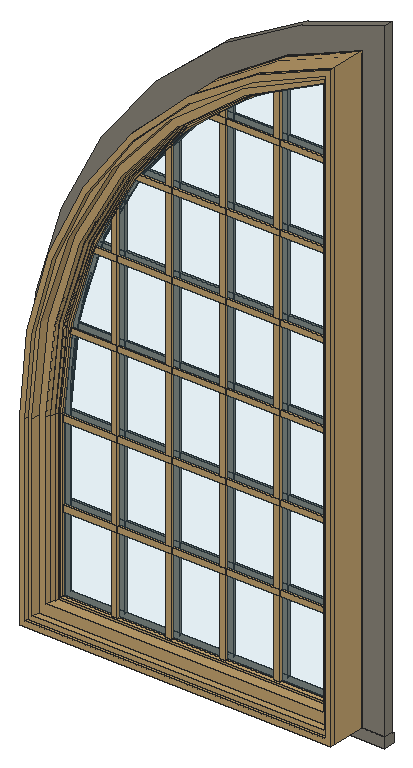
Revit family
Parameters (values of type "CUCART24")
  Window Type = "Clad Ultimate Casement Round Top RT24"
  Void Offset 2 = if(Subsill Visibility, 0' 0", 0' 9")  # 0' - 0"
  Void Offset = if(Casing Visibility, 0' 0", 0' 9")  # 0' - 0"
  URL = "www.marvin.com"
  Subsill Height_2 = if(Subsill A217, 0' 1 11/32", 0' 0 9/16")  # 0' - 1 11/32"
  Subsill Height = if(Subsill A217 Visibility, 0' 1 11/32", if(Subsill A246 Visibility, 0' 0 9/16", 0' 0"))  # 0' - 1 11/32"
  Subsill A246 Visibility = and(Subsill Visibility, Subsill A246)  # no
  Subsill A217 Visibility = and(Subsill Visibility, Subsill A217)  # yes
  Springline Constraint = if(Height - Springline < Width + 0' 2", Height - Width - 0' 2", if(Springline < 0' 4", 0' 4", Springline))  # 2' - 0"
  Plan Swing Angle [instance] = 15.00°
  Muntins Interior Visibility = yes
  Muntins Interior Material = Wood-Marvin-Pine
  Muntins Exterior Visibility = yes
  Muntins Exterior Material = Aluminum-Marvin-Bronze
  Mask Offset [instance] = if(Inset to Installation Flange = 0' 1 3/32", 0' 0 1/32", 0' 0")  # 0' - 0"
  Lites Wide = 5
  Lites High = 7
  Interior Material = Wood-Marvin-Pine
  Frame = "Aluminum Clad"
  Flat Casing Visibility = and(Casing Visibility, Flat Casing)  # yes
  Egress Window = ""
  Design Pressure = "DP50"
  Cladding Material = Aluminum-Marvin-Bronze
  Casing Width_2 = if(BMC, 0' 1 5/16", 0' 3")  # 0' - 3"
  Casing Visibility = yes
  Subsill Visibility = yes
  BMC Visibility = and(Casing Visibility, BMC)  # no
  BMC = no
  Flat Casing = not(BMC)  # yes
  Subsill A246 = no
  Subsill A217 = not(Subsill A246)  # yes
  Plan Swing Visibility [instance] = yes
  Glazing Material = Glass-Marvin-IG Low E II with Argon
  Springline = 2' - 0"
  Nominal Width = 3' - 4"
  Nominal Height = 6' - 6"
  Model = "CUCART24"
  Mask [instance] = Inset to Installation Flange > 0' 1 3/32"  # no
  Manufacturer = "Marvin Windows and Doors"
  Label Visibility = no
  Glass Type = "IG Low E II with Argon"
  Family created by = "www.rbuiltcomponents.com"
  Rough Width = Width + 0' 1"  # 3' - 5"
  Rough Height = Height + 0' 0 1/2"  # 6' - 6 1/2"
  Jamb Extension Visibility = yes
  Inset to Installation Flange [instance] = 0' - 1"
  Height = Nominal Height  # 6' - 6"
  Elev Swing Visibility [instance] = yes
  Description = "CSMT RT24"
  Default Head Height = 8' - 0"
  Wall Closure = (empty or 0)
  Width = if(Nominal Width > Nominal Height - 0' 6", Nominal Height - 0' 6", Nominal Width)  # 3' - 4"
  DLO Width = Width - 0' 5 13/16"  # 2' - 10 3/16"
  DLO Height = Height - 0' 5 13/16"  # 6' - 0 3/16"
  Casing Width = if(BMC Visibility, 0' 1 5/16", if(Flat Casing Visibility, 0' 3", 0' 0"))  # 0' - 3"
  Assembly Code = ""
Reference planes (in)
  plane 1 "Center (Front/Back)": y = 0
  plane 2: z = 0
  plane 3 "Center (Left/Right)": x = -3
  plane 4 "Left": x = -23
  plane 5 "Right": x = 17
  plane 6 "Sill": z = 18
  plane 7 "Top": z = 96
  plane 8 "Inset": y = 2
  plane 9 "Glazing": y = 1.53125
  plane 10 "Jamb Ext Face": y = -2.5625
  plane 11: z = 57
  plane 12: z = 42
  plane 13: y = -2.59375
Forms (in)
  Sweep 1, solid, material "Wood-Marvin-Pine" <- "Interior Material"
    path origin (0, 2, 0) x (1, 0, 0) y (0, 0, 1)
      loop
        line (-23, 42) -> (-23, 18) -> (17, 18) -> (17, 96)
        arc (17, 96) -> (-11.9108, 75.6006) -> (-23, 42) r 56.45
    profile "Profile_Ext_Clad_Frame : Profile_Ext_Clad_Frame" origin (-23, 2, 30) x (1, 0, 0) y (0, -1, 0)
      loop
        line (0, 4.56199) -> (0, 0.0625) -> (0.0625, 0.0625) -> (0.0625, 0) -> (0, 0) -> (0, -1.09401) -> (0.52105, -1.09401) -> (0.6063, 0.125) -> (2.696, 0.125) -> (2.696, 0.22017) -> (2.90625, 0.43042) -> (2.90625, 0.47297) -> (2.208, 0.47297) -> (2.208, 1.50299) -> (2.90625, 1.50299) -> (2.90625, 1.66374) -> (2.677, 1.89299) -> (2.677, 2) -> (2.5005, 2) -> (2.5005, 2.34399) -> (2.313, 2.34399) -> (2.313, 2.87449) -> (2.1255, 2.87449) -> (2.1255, 3.53074) -> (1.188, 3.53074) -> (1.188, 4.56199) -> (0, 4.56199)
  Extrusion 2, solid, material "Glass-Marvin-IG Low E II with Argon" <- "Glazing Material"
    sketch origin (0, 1.53125, 0) x (1, 0, 0) y (0, 0, 1)
      loop
        line (-23, 18) -> (17, 18) -> (17, 96)
        arc (17, 96) -> (-11.9108, 75.6006) -> (-23, 42) r 56.45
        line (-23, 42) -> (-23, 18)
    from 0 to 1.03424
  Extrusion 3, void
    sketch origin (0, 0, 0) x (1, 0, 0) y (0, 0, 1)
      loop
        line (17, 18) -> (17, 96)
        arc (17, 96) -> (-11.9108, 75.6006) -> (-23, 42) r 56.45
        line (-23, 42) -> (-23, 18) -> (17, 18)
    from -3 to 3
  Sweep 4, solid, material "Aluminum-Marvin-Bronze" <- "Cladding Material", visible <- "BMC Visibility"
    path origin (0, 2, 0) x (1, 0, 0) y (0, 0, 1)
      loop
        line (17, 18) -> (17, 96)
        arc (17, 96) -> (-11.9108, 75.6006) -> (-23, 42) r 56.45
        line (-23, 42) -> (-23, 18)
    profile "BMC_Clad : BMC_Clad" origin (-23, 2, 30) x (1, 0, 0) y (0, -1, 0)
      loop
        line (-0.71589, -1.25) -> (-0.38081, -1.09375) -> (0, -1.09375) -> (0, 0) -> (-1.3125, 0) -> (-1.3125, -1.25) -> (-0.71589, -1.25)
  Sweep 5, solid, material "Aluminum-Marvin-Bronze" <- "Cladding Material", visible <- "Flat Casing Visibility"
    path origin (0, 2, 0) x (1, 0, 0) y (0, 0, 1)
      loop
        line (-23, 18) -> (-23, 42)
        arc (-23, 42) -> (-11.9108, 75.6006) -> (17, 96) r 56.45
        line (17, 96) -> (17, 18)
    profile "Flat_Casing_Clad : Flat_Casing_Clad" origin (17, 2, 57) x (1, 0, 0) y (0, -1, 0)
      loop
        line (3, -1.09375) -> (3, 0) -> (0, 0) -> (0, -1.09375) -> (3, -1.09375)
  Sweep 6, solid, material "Aluminum-Marvin-Bronze" <- "Cladding Material", visible <- "Subsill Visibility"
    path origin (0, 2, 0) x (1, 0, 0) y (0, 0, 1)
      loop
        line (20, 18) -> (-26, 18)
    profile origin (-3, 2, 18) x (0, 0, -1) y (0, -1, 0)
      loop
        line (0, 0) -> (0, -1.09401) -> (0.15265, -1.09401) -> (0.1875, -1.34375) -> (1.34375, -1.34375) -> (1.34375, 0) -> (0, 0)
  Extrusion 7, solid, material "Wood-Marvin-Pine" <- "Interior Material", visible <- "Jamb Extension Visibility"
    sketch origin (0, -2.5625, 0) x (1, 0, 0) y (0, 0, 1)
      loop
        line (-23, 18) -> (17, 18) -> (17, 96)
        arc (17, 96) -> (-11.9108, 75.6006) -> (-23, 42) r 56.45
        line (-23, 42) -> (-23, 18)
      loop
        arc (16.3125, 95.06376) -> (-11.63373, 74.81636) -> (-22.3125, 42) r 55.7625
        line (-22.3125, 42) -> (-22.3125, 18.6875) -> (16.3125, 18.6875) -> (16.3125, 95.06376)
    from 0.4375 to 0.03125
  Sweep 8, solid, material "Wood-Marvin-Pine" <- "Interior Material"
    path in 3D
      loop
        line (-20.8745, -1.53074, 20.1255) -> (14.8745, -1.53074, 20.1255)
    profile "Profile_Sill_Close : Profile_Sill_Close" origin (-3, -1.53074, 20.1255) x (0, 1, 0) y (0, 0, 1)
      loop
        line (0, 0) -> (0.65625, 0) -> (0.65625, 0.1875) -> (1.18675, 0.1875) -> (1.18675, 0.375) -> (0, 0.375) -> (0, 0)
  Sweep 9, void
    path origin (0, 2, 0) x (1, 0, 0) y (0, 0, 1)
      loop
        line (-23, 18) -> (-23, 42)
        arc (-23, 42) -> (-11.9108, 75.6006) -> (17, 96) r 56.45
        line (17, 96) -> (17, 18)
    profile origin (17, 2, 57) x (0, -1, 0) y (1, 0, 0)
      loop
        line (0, 0) -> (0, 3) -> (-13, 3) -> (-13, 0) -> (0, 0)
  Sweep 10, void
    path origin (0, 2, 0) x (1, 0, 0) y (0, 0, 1)
      loop
        line (-26, 18) -> (20, 18)
    profile origin (-3, 2, 18) x (0, 0, 1) y (0, -1, 0)
      loop
        line (0, 0) -> (-1.34375, 0) -> (-1.34375, -12) -> (0, -12) -> (0, 0)
Cuts and joins
  joined: Sweep 1, Sweep 8
Lines and regions (in)
  Masking region 1
    outline origin (0, 0, 18) x (0, -1, 0) y (1, 0, 0)
      loop
        line (-3.09401, -23) -> (2.5625, -23) -> (2.5625, 17) -> (-3.09401, 17) -> (-3.09401, -23)
  Masking region 2
    outline origin (-3, 0, 0) x (0, 1, 0) y (0, 0, 1)
      loop
        line (3.09375, 96) -> (-2.5625, 96) -> (-2.5625, 18) -> (3.09375, 18) -> (3.09375, 96)
  Masking region 3, visible <- "Mask"
    outline origin (0, 0, 18) x (0, -1, 0) y (1, 0, 0)
      loop
        line (-3.09401, -26) -> (-3, -26) -> (-3, 20) -> (-3.09401, 20) -> (-3.09401, -26)
  Masking region 4, visible <- "Mask"
    outline origin (-3, 0, 0) x (0, 1, 0) y (0, 0, 1)
      loop
        line (3.09375, 99) -> (3, 99) -> (3, 16.65625) -> (3.09375, 16.65625) -> (3.09375, 99)
  Masking region 5, visible <- "Casing Visibility"
    outline origin (0, 0, 18) x (0, -1, 0) y (1, 0, 0)
      loop
        line (-3.09401, -26) -> (-2, -26) -> (-2, -23) -> (-3.09401, -23) -> (-3.09401, -26)
      loop
        line (-3.09401, 17) -> (-2, 17) -> (-2, 20) -> (-3.09401, 20) -> (-3.09401, 17)
  Masking region 6, visible <- "Subsill Visibility"
    outline origin (-3, 0, 0) x (0, 1, 0) y (0, 0, 1)
      loop
        line (3.34375, 16.65625) -> (3.34375, 17.8125) -> (3.09401, 17.84735) -> (3.09401, 18) -> (2, 18) -> (2, 16.65625) -> (3.34375, 16.65625)
  Masking region 7, visible <- "Casing Visibility"
    outline origin (-3, 0, 0) x (0, 1, 0) y (0, 0, 1)
      loop
        line (3.09375, 99) -> (2, 99) -> (2, 96) -> (3.09375, 96) -> (3.09375, 99)
  Masking region 8
    outline origin (0, 0, 18) x (0, -1, 0) y (1, 0, 0)
      loop
        line (2.59375, -23) -> (3, -23) -> (3, 17) -> (2.59375, 17) -> (2.59375, -23)
  Masking region 9
    outline origin (-3, 0, 0) x (0, 1, 0) y (0, 0, 1)
      loop
        line (-2.59375, 96) -> (-3, 96) -> (-3, 18) -> (-2.59375, 18) -> (-2.59375, 96)
  symbolic lines, style "Jamb Extension", visible <- "Jamb Extension Visibility", detail levels fine
    curve 1: line (-3, -3, 95.3125) -> (-3, -2.59375, 95.3125)
    curve 2: line (-3, -3, 18.6875) -> (-3, -2.59375, 18.6875)
    curve 49: line (-22.3125, -2.59375, 18) -> (-22.3125, -3, 18)
    curve 50: line (16.3125, -3, 18) -> (16.3125, -2.59375, 18)
    curve 51: line (17, -3, 18) -> (16.3125, -3, 18)
    curve 52: line (-22.3125, -3, 18) -> (-23, -3, 18)
  symbolic lines, style "WindowsFrameMullionProjection", detail levels coarse+medium
    curve 3: line (17, -2.5625, 18) -> (15.812, -2.5625, 18)
    curve 4: line (15.812, -2.5625, 18) -> (15.812, 3.09401, 18)
    curve 5: line (15.812, 3.09401, 18) -> (17, 3.09401, 18)
    curve 6: line (15.812, 1.875, 18) -> (14.09375, 1.875, 18)
    curve 7: line (14.09375, 1.875, 18) -> (14.09375, 0, 18)
    curve 8: line (-21.812, 0, 18) -> (-20.09375, 0, 18)
    curve 9: line (-23, -2.5625, 18) -> (-21.812, -2.5625, 18)
    curve 10: line (-21.812, -2.5625, 18) -> (-21.812, 3.09401, 18)
    curve 11: line (-21.812, 3.09401, 18) -> (-23, 3.09401, 18)
    curve 12: line (-20.09375, 1.875, 18) -> (-20.09375, 0, 18)
    curve 13: line (-3, 3.09401, 96) -> (-3, 3.09401, 94.812)
    curve 14: line (-3, 3.09401, 94.812) -> (-3, -2.5625, 94.812)
    curve 15: line (-3, -2.5625, 94.812) -> (-3, -2.5625, 96)
    curve 16: line (-3, 1.875, 94.812) -> (-3, 1.875, 93.09375)
    curve 17: line (-3, 1.875, 93.09375) -> (-3, 0, 93.09375)
    curve 18: line (-3, 0, 19.188) -> (-3, 0, 20.90625)
    curve 19: line (-3, 3.09401, 18) -> (-3, 3.09401, 19.188)
    curve 20: line (-3, 3.09401, 19.188) -> (-3, -2.5625, 19.188)
    curve 21: line (-3, -2.5625, 19.188) -> (-3, -2.5625, 18)
    curve 22: line (-3, 1.875, 20.90625) -> (-3, 0, 20.90625)
    curve 23: line (14.09375, 1.875, 18) -> (-20.09375, 1.875, 18)
    curve 24: line (14.09375, 0, 18) -> (15.812, 0, 18)
    curve 25: line (-20.09375, 1.875, 18) -> (-21.812, 1.875, 18)
    curve 26: line (-3, 0, 20.90625) -> (-3, 0, 93.09375)
    curve 27: line (-3, 1.875, 20.90625) -> (-3, 1.875, 19.188)
    curve 28: line (-3, 0, 93.09375) -> (-3, 0, 94.812)
    curve 29: line (-3, 1.875, 93.09375) -> (-3, 1.875, 20.90625)
    curve 38: line (-20.09375, 0, 18) -> (14.09375, 0, 18)
    curve 73: line (-3, -3, 96) -> (-3, 3.09375, 96)
    curve 84: line (-23, 3.09375, 18) -> (-23, -3, 18)
    curve 85: line (17, -3, 18) -> (17, 3.09375, 18)
  symbolic lines, style "Jamb Extension", visible <- "Jamb Extension Visibility"
    curve 30: line (-3, -3, 18.6875) -> (-3, -3, 18)
    curve 31: line (-3, -3, 95.3125) -> (-3, -3, 96)
  symbolic lines, style "WindowsFrameMullionProjection", visible <- "Jamb Extension Visibility", detail levels coarse+medium
    curve 32: line (-3, -2.59375, 95.3125) -> (-3, -3, 95.3125)
    curve 33: line (-3, -3, 95.3125) -> (-3, -3, 96)
    curve 34: line (-3, -2.59375, 18.6875) -> (-3, -3, 18.6875)
    curve 35: line (-3, -3, 18.6875) -> (-3, -3, 18)
    curve 53: line (-22.3125, -2.59375, 18) -> (-22.3125, -3, 18)
    curve 54: line (-23, -3, 18) -> (-22.3125, -3, 18)
    curve 55: line (16.3125, -3, 18) -> (16.3125, -2.59375, 18)
    curve 56: line (16.3125, -3, 18) -> (17, -3, 18)
  symbolic lines, style "Elevation Swing", visible <- "Elev Swing Visibility"
    curve 36: line (16.3937, 0, 57) -> (-22.3937, 0, 18.62577)
    curve 91: line (16.3937, 0, 57) -> (-11.9108, 0, 75.6006)
  symbolic lines, style "WindowsGlassProjection", detail levels coarse+medium
    curve 37: line (-20.09375, 0.9375, 18) -> (14.09375, 0.9375, 18)
    curve 69: line (-3, 0.9375, 20.90625) -> (-3, 0.9375, 93.09375)
  symbolic lines, style "Jamb Extension", visible <- "BMC Visibility", detail levels fine
    curve 39: line (-24.3125, 3.25, 18) -> (-23.71589, 3.25, 18)
    curve 40: line (-23.71589, 3.25, 18) -> (-23.38081, 3.09375, 18)
    curve 41: line (-24.3125, 3.09401, 18) -> (-24.3125, 3.25, 18)
    curve 42: line (17.71589, 3.25, 18) -> (18.3125, 3.25, 18)
    curve 43: line (17.38081, 3.09375, 18) -> (17.71589, 3.25, 18)
    curve 44: line (18.3125, 3.25, 18) -> (18.3125, 3.09401, 18)
    curve 45: line (-23.38081, 3.09375, 18) -> (-23, 3.09375, 18)
    curve 46: line (17.38081, 3.09375, 18) -> (17, 3.09375, 18)
    curve 75: line (-3, 3.25, 96.65144) -> (-3, 3.25, 99)
    curve 76: line (-3, 3.09375, 96) -> (-3, 3.09375, 96.38081)
    curve 77: line (-3, 3.09375, 96.38081) -> (-3, 3.25, 96.65144)
    curve 78: line (-3, 3.25, 99) -> (-3, 3.09375, 99)
  symbolic lines, style "Jamb Extension", visible <- "Flat Casing Visibility", detail levels fine
    curve 47: line (-23, 3.09401, 18) -> (-26, 3.09401, 18)
    curve 48: line (20, 3.09401, 18) -> (17, 3.09401, 18)
    curve 82: line (-3, 3.09375, 96) -> (-3, 3.09375, 99)
    curve 83: line (-3, 3.09375, 99) -> (-3, 2, 99)
  symbolic lines, style "WindowsFrameMullionProjection", visible <- "BMC Visibility", detail levels coarse+medium
    curve 57: line (-24.3125, 2, 18) -> (-24.3125, 3.25, 18)
    curve 58: line (-24.3125, 3.25, 18) -> (-23.71589, 3.25, 18)
    curve 59: line (-23.71589, 3.25, 18) -> (-23.38081, 3.09375, 18)
    curve 60: line (-23.38081, 3.09375, 18) -> (-23, 3.09375, 18)
    curve 61: line (18.3125, 3.25, 18) -> (18.3125, 2, 18)
    curve 62: line (17.38081, 3.09375, 18) -> (17.71589, 3.25, 18)
    curve 63: line (17.71589, 3.25, 18) -> (18.3125, 3.25, 18)
    curve 64: line (17, 3.09375, 18) -> (17.38081, 3.09375, 18)
    curve 70: line (-3, 3.25, 96.65144) -> (-3, 3.25, 99)
    curve 71: line (-3, 3.09375, 96) -> (-3, 3.09375, 96.38081)
    curve 72: line (-3, 3.09375, 96.38081) -> (-3, 3.25, 96.65144)
    curve 74: line (-3, 3.25, 99) -> (-3, 2, 99)
  symbolic lines, style "WindowsFrameMullionProjection", visible <- "Flat Casing Visibility", detail levels coarse+medium
    curve 65: line (20, 3.09401, 18) -> (17, 3.09401, 18)
    curve 66: line (20, 3.09401, 18) -> (20, 2, 18)
    curve 67: line (-26, 2, 18) -> (-26, 3.09401, 18)
    curve 68: line (-23, 3.09401, 18) -> (-26, 3.09401, 18)
    curve 80: line (-3, 3.09375, 96) -> (-3, 3.09375, 99)
    curve 81: line (-3, 3.09375, 99) -> (-3, 2, 99)
  symbolic lines, style "WindowsFrameMullionProjection", visible <- "Casing Visibility", detail levels coarse+medium
    curve 79: line (-3, 2, 99) -> (-3, 2, 96)
  symbolic lines, style "WindowsFrameMullionProjection", visible <- "Subsill Visibility", detail levels coarse+medium
    curve 86: line (-3, 3.09401, 17.84735) -> (-3, 3.09401, 18)
    curve 87: line (-3, 3.34375, 17.8125) -> (-3, 3.09401, 17.84735)
    curve 88: line (-3, 3.34375, 16.65625) -> (-3, 3.34375, 17.8125)
    curve 89: line (-3, 2, 16.65625) -> (-3, 3.34375, 16.65625)
  sketch lines
    curve 90: line (-20.8745, -1.53074, 20.1255) -> (14.8745, -1.53074, 20.1255)
  reference lines
    curve 92: line (-23, 2, 42) -> (17, 2, 96)
    curve 93: line (-23, 2, 42) -> (-23, 2, 39)
    curve 94: arc (17, 2, 96) -> (-11.9108, 2, 75.6006) -> (-23, 2, 42) r 56.45
    curve 95: line (-3, 2, 69) -> (-11.9108, 2, 75.6006)
Text (in)
  text "EXTERIOR" at (-58.6888, 50.90694, 0), in view "Ref. Level"
  text "INTERIOR" at (-58.6888, -37.76638, 0), in view "Ref. Level"
  text "Exterior" at (0, 43.65631, 123.19604), in view "Left"
  text "Exterior" at (0, 18.29385, 125.04747), in view "Right"
Dimensions and locks (in)
  equal spacing: plane 4 "Left", plane 3 "Center (Left/Right)", plane 5 "Right"
  "Width": plane 4 "Left" to plane 5 "Right"
  "Height": plane 6 "Sill" to plane 7 "Top"
  "Inset to Installation Flange": host wall to plane 8 "Inset"
  locked: plane 9 "Glazing" to plane 8 "Inset" at 0.46875
  locked: plane 10 "Jamb Ext Face" to plane 8 "Inset" at 4.5625
  "Default Head Height": plane 2 to plane 7 "Top"
  locked: nested 2 to host wall at 12.00106
  locked: plane 9 "Glazing" to Extrusion 2 at 1.03424
  locked: curve 32 to plane 7 "Top" at 0.6875
  locked: plane 6 "Sill" to curve 34 at 0.6875
  equal spacing: plane 6 "Sill", plane 11, plane 7 "Top"
  "Casing Width": plane 5 "Right" to Sweep 6 sketch curve
  "Casing Width": Sweep 6 sketch curve to plane 4 "Left"
  locked: Sweep 6 sketch curve to Sweep 6 sketch curve at 1.34375
  "Subsill Height_2": Sweep 6 sketch curve to plane 6 "Sill"
  locked: plane 4 "Left" to Extrusion 7 sketch curve at 0.6875
  locked: Extrusion 7 sketch curve to plane 5 "Right" at 0.6875
  locked: Extrusion 7 sketch curve to plane 6 "Sill" at 0.6875
  "Casing Width": Masking region 3 sketch curve to plane 4 "Left"
  "Casing Width": plane 5 "Right" to Masking region 3 sketch curve
  "Casing Width_2": Masking region 5 sketch curve to plane 4 "Left"
  "Casing Width_2": plane 5 "Right" to Masking region 5 sketch curve
  "Subsill Height": Masking region 4 sketch curve to plane 6 "Sill"
  "Casing Width": plane 7 "Top" to Masking region 4 sketch curve
  "Casing Width_2": plane 7 "Top" to Masking region 7 sketch curve
  "Springline Constraint": plane 6 "Sill" to plane 12
  "Casing Width_2": plane 5 "Right" to Sweep 9 sketch curve
  "Void Offset": plane 8 "Inset" to Sweep 9 sketch curve
  locked: Sweep 9 sketch curve to host wall at 12
  "Casing Width": Sweep 10 sketch curve to plane 4 "Left"
  "Casing Width": plane 5 "Right" to Sweep 10 sketch curve
  locked: Sweep 10 sketch curve to plane 8 "Inset" at 12
  "Void Offset 2": Sweep 10 sketch curve to plane 8 "Inset"
  "Subsill Height_2": Sweep 10 sketch curve to plane 6 "Sill"
  locked: plane 9 "Glazing" to nested 5 at 1.03125
  curve 91 to curve 95 = 0' - 0"
  locked: plane 13 to plane 10 "Jamb Ext Face" at 0.03125
  "Mask Offset": Masking region 3 sketch curve to host wall
  "Mask Offset": Masking region 4 sketch curve to host wall
  aligned and locked: nested 1 to plane 3 "Center (Left/Right)"
  aligned and locked: plane 8 "Inset" to nested 1
  aligned and locked: Sweep 1 sketch curve to plane 6 "Sill"
  aligned and locked: plane 5 "Right" to Sweep 1 sketch curve
  aligned and locked: plane 5 "Right" to Masking region 1 sketch curve
  aligned and locked: Masking region 1 sketch curve to plane 4 "Left"
  aligned and locked: plane 7 "Top" to Masking region 2 sketch curve
  aligned and locked: Masking region 2 sketch curve to plane 6 "Sill"
  aligned and locked: plane 3 "Center (Left/Right)" to nested 2
  aligned and locked: curve 21 to plane 10 "Jamb Ext Face"
  aligned and locked: plane 6 "Sill" to curve 30
  aligned and locked: curve 30 to host wall
  aligned and locked: host wall to curve 33
  aligned and locked: plane 6 "Sill" to curve 35
  aligned and locked: Extrusion 2 to plane 9 "Glazing"
  aligned and locked: plane 9 "Glazing" to Extrusion 2
  aligned and locked: nested 3 to plane 6 "Sill"
  aligned and locked: curve 14 to nested 3
  aligned and locked: curve 13 to nested 3
  aligned and locked: curve 16 to nested 3
  aligned and locked: curve 28 to nested 3
  aligned and locked: curve 17 to nested 3
  aligned and locked: curve 19 to nested 3
  aligned and locked: curve 20 to nested 3
  aligned and locked: curve 22 to nested 3
  aligned and locked: curve 27 to nested 3
  aligned and locked: nested 3 to curve 18
  aligned and locked: host wall to Extrusion 3  (x2)
  aligned and locked: plane 5 "Right" to Extrusion 3 sketch curve
  aligned and locked: Extrusion 3 sketch curve to plane 6 "Sill"
  aligned and locked: Extrusion 3 sketch curve to plane 4 "Left"
  aligned and locked: plane 5 "Right" to Sweep 4 sketch curve
  aligned and locked: Sweep 4 sketch curve to plane 4 "Left"
  aligned and locked: plane 6 "Sill" to Sweep 4 sketch curve  (x2)
  aligned and locked: plane 6 "Sill" to Sweep 5 sketch curve  (x2)
  aligned and locked: Sweep 5 sketch curve to plane 4 "Left"
  aligned and locked: plane 6 "Sill" to Sweep 6 sketch curve  (x2)
  aligned and locked: Sweep 6 sketch curve to plane 8 "Inset"
  aligned and locked: Extrusion 7 sketch curve to plane 4 "Left"
  aligned and locked: Extrusion 7 sketch curve to plane 6 "Sill"
  aligned and locked: plane 5 "Right" to Extrusion 7 sketch curve
  aligned and locked: host wall to Extrusion 7
  aligned and locked: Masking region 3 sketch curve to Sweep 1
  aligned and locked: Masking region 1 sketch curve to Sweep 1
  aligned and locked: plane 4 "Left" to Masking region 5 sketch curve
  aligned and locked: Masking region 5 sketch curve to Sweep 1  (x2)
  aligned and locked: Masking region 5 sketch curve to plane 8 "Inset"  (x2)
  aligned and locked: Masking region 5 sketch curve to plane 5 "Right"
  aligned and locked: curve 7 to curve 37
  aligned and locked: curve 12 to curve 38
  aligned and locked: curve 8 to curve 38
  aligned and locked: curve 39 to Sweep 4
  aligned and locked: Sweep 4 to curve 40
  aligned and locked: Sweep 4 to curve 41
  aligned and locked: Sweep 1 to curve 41
  aligned and locked: curve 43 to Sweep 4
  aligned and locked: curve 44 to Sweep 1
  aligned and locked: curve 46 to Sweep 4
  aligned and locked: plane 5 "Right" to curve 46
  aligned and locked: curve 47 to Masking region 5
  aligned and locked: curve 49 to Extrusion 7
  aligned and locked: curve 51 to Extrusion 7
  aligned and locked: Extrusion 7 to curve 53  (x2)
  aligned and locked: curve 55 to Extrusion 7
  aligned and locked: curve 57 to Sweep 4
  aligned and locked: curve 60 to Sweep 4
  aligned and locked: curve 61 to Sweep 4
  aligned and locked: curve 65 to Masking region 5
  aligned and locked: curve 66 to Sweep 5
  aligned and locked: curve 67 to Sweep 5
  aligned and locked: Masking region 2 sketch curve to Sweep 5
  aligned and locked: nested 3 to plane 8 "Inset"
  aligned and locked: Masking region 4 sketch curve to Sweep 5
  aligned and locked: Masking region 6 sketch curve to Sweep 6  (x6)
  aligned and locked: Masking region 7 sketch curve to plane 7 "Top"
  aligned and locked: Masking region 7 sketch curve to plane 8 "Inset"
  aligned and locked: Masking region 7 sketch curve to Sweep 5
  aligned and locked: Sweep 4 to curve 71
  aligned and locked: curve 73 to nested 3
  aligned and locked: curve 74 to Masking region 7
  aligned and locked: Sweep 4 to curve 75
  aligned and locked: curve 79 to Sweep 4
  aligned and locked: curve 83 to Masking region 7
  aligned and locked: curve 84 to Sweep 5
  aligned and locked: curve 85 to Sweep 5
  aligned and locked: curve 86 to Sweep 6
  aligned and locked: curve 87 to Sweep 6
  aligned and locked: curve 88 to Sweep 6
  aligned and locked: curve 89 to Sweep 6
  aligned and locked: curve 36 to cut or joined group of Sweep 1, Sweep 8
  aligned and locked: plane 11 to curve 36
  aligned and locked: cut or joined group of Sweep 1, Sweep 8 to curve 91
  aligned and locked: curve 25 to nested 1
  aligned and locked: curve 6 to nested 1
  aligned and locked: plane 6 "Sill" to Sweep 9 sketch curve  (x2)
  aligned and locked: plane 5 "Right" to Sweep 9 sketch curve
  aligned and locked: Sweep 10 sketch curve to plane 6 "Sill"  (x2)
  aligned and locked: plane 12 to Sweep 1 sketch curve
  aligned and locked: plane 7 "Top" to Sweep 1 sketch curve
  aligned and locked: plane 12 to Extrusion 3 sketch curve
  aligned and locked: plane 7 "Top" to Extrusion 3 sketch curve
  aligned and locked: plane 7 "Top" to Sweep 9 sketch curve
  aligned and locked: plane 12 to Sweep 9 sketch curve
  aligned and locked: plane 7 "Top" to Sweep 5 sketch curve
  aligned and locked: plane 12 to Sweep 5 sketch curve
  aligned and locked: plane 7 "Top" to Sweep 4 sketch curve
  aligned and locked: plane 12 to Sweep 4 sketch curve
  aligned and locked: plane 7 "Top" to Extrusion 7 sketch curve
  aligned and locked: plane 12 to Extrusion 7 sketch curve  (x2)
  aligned and locked: nested 4 to plane 11
  aligned and locked: nested 4 to plane 3 "Center (Left/Right)"
  aligned and locked: plane 11 to nested 5
  aligned and locked: plane 3 "Center (Left/Right)" to nested 5
  aligned and locked: nested 4 to plane 9 "Glazing"
  aligned and locked: curve 8 to cut or joined group of Sweep 1, Sweep 8
  aligned and locked: cut or joined group of Sweep 1, Sweep 8 to curve 24
  aligned and locked: Extrusion 2 sketch curve to plane 6 "Sill"
  aligned and locked: plane 4 "Left" to Extrusion 2 sketch curve
  aligned and locked: Extrusion 2 sketch curve to plane 5 "Right"
  aligned and locked: plane 12 to Extrusion 2 sketch curve
  aligned and locked: plane 7 "Top" to Extrusion 2 sketch curve
  aligned and locked: plane 5 "Right" to curve 92
  aligned and locked: plane 4 "Left" to curve 92
  aligned and locked: plane 12 to curve 92
  aligned and locked: plane 7 "Top" to curve 94
  aligned and locked: curve 91 to curve 95
  aligned and locked: Extrusion 7 to curve 49
  aligned and locked: Extrusion 7 to curve 55
  aligned and locked: Extrusion 7 to curve 50
  aligned and locked: Masking region 1 sketch curve to plane 10 "Jamb Ext Face"
  aligned and locked: host wall to curve 54
  aligned and locked: Masking region 8 sketch curve to plane 4 "Left"
  aligned and locked: plane 5 "Right" to Masking region 8 sketch curve
  aligned and locked: plane 13 to Masking region 8 sketch curve
  aligned and locked: Masking region 8 sketch curve to host wall
  aligned and locked: Extrusion 7 to curve 2
  aligned and locked: Extrusion 7 to curve 34
  aligned and locked: Extrusion 7 to curve 32
  aligned and locked: Extrusion 7 to curve 1
  aligned and locked: Extrusion 7 to plane 13
  aligned and locked: Masking region 2 sketch curve to plane 10 "Jamb Ext Face"
  aligned and locked: plane 7 "Top" to Masking region 9 sketch curve
  aligned and locked: Masking region 9 sketch curve to plane 6 "Sill"
  aligned and locked: plane 13 to Masking region 9 sketch curve
  aligned and locked: Masking region 9 sketch curve to host wall
Automatic sketch dimensions
  Sweep 6 sketch curve to Sweep 6 sketch curve = 0' - 0.15265"
  Sweep 6 sketch curve to Sweep 6 sketch curve = 0' - 0.03485"
  Sweep 6 sketch curve to Sweep 6 sketch curve = 0' - 0.24974"
  Sweep 1 sketch curve to plane 4 "Left" = 0' - 0"
  Sweep 9 sketch curve to plane 4 "Left" = 0' - 0"
  Sweep 9 sketch curve to plane 5 "Right" = 0' - 0"
  Sweep 5 sketch curve to plane 5 "Right" = 0' - 0"
  Extrusion 7 sketch curve to Extrusion 7 sketch curve = 0' - 0"
  curve 95 to plane 3 "Center (Left/Right)" = 0' - 0"
  curve 93 to curve 92 = 0' - 3"
  curve 36 to plane 6 "Sill" = 0' - 0.62577"
  curve 57 to plane 8 "Inset" = 0' - 0"
  curve 66 to plane 8 "Inset" = 0' - 0"
  curve 67 to plane 8 "Inset" = 0' - 0"
  curve 61 to plane 8 "Inset" = 0' - 0"
  curve 3 to plane 10 "Jamb Ext Face" = 0' - 0"
  curve 9 to plane 10 "Jamb Ext Face" = 0' - 0"
  curve 11 to plane 4 "Left" = 0' - 0"
  curve 5 to plane 5 "Right" = 0' - 0"
  curve 42 to curve 43 = 0' - 0 5/32"
  plane 9 "Glazing" to curve 37 = 0' - 0 19/32"
  curve 49 to curve 9 = 0' - 0.5005"
  curve 25 to curve 12 = 0' - 1.71825"
  plane 5 "Right" to curve 38 = 0' - 2 29/32"
  plane 5 "Right" to curve 4 = 0' - 1.188"
  curve 15 to plane 10 "Jamb Ext Face" = 0' - 0"
  curve 89 to plane 8 "Inset" = 0' - 0"
  curve 21 to plane 6 "Sill" = 0' - 0"
  curve 86 to plane 6 "Sill" = 0' - 0"
  curve 13 to plane 7 "Top" = 0' - 0"
  curve 79 to plane 7 "Top" = 0' - 0"
  plane 9 "Glazing" to curve 69 = 0' - 0 19/32"
  curve 71 to curve 71 = 0' - 0.38081"
  curve 71 to curve 70 = 0' - 0.27063"
Nested families (in)
  nested 1: "Roundtop_Plan_Detail" at (-3, 2, 18) x (-1, 0, 0) z (0, 0, -1), type "Roundtop_Plan_Detail"
    with Width 3' - 4", Plan Swing RH no, Plan Swing Length 3' - 1 5/8"
  nested 2: "Label Annotation 1-16 w4" at (-3, 15.00106, 0), visible <- "Label Visibility", type "Label Annotation 1-16 w4"
    with Nominal Width 3' - 4", Nominal Height 6' - 6"
  nested 3: "Roundtop_Section_Detail" at (-3, 2, 18) x (0, -1, 0) z (1, 0, 0), type "Roundtop_Section_Detail", detail levels fine
    with Height 6' - 6"
  nested 4: "Muntins" at (-3, 1.53125, -15.09375) x (-1, 0, 0) z (0, 0, 1), Muntin Material <- "Muntins Exterior Material", visible <- "Muntins Exterior Visibility", type "Muntins"
    with Muntin Material Aluminum-Marvin-Bronze
  nested 5: "Muntins" at (-3, 0.5, -15.09375) x (-1, 0, 0) z (0, 0, 1), Muntin Material <- "Muntins Interior Material", visible <- "Muntins Interior Visibility", type "Muntins"
    with Muntin Material Wood-Marvin-Pine
Definition of nested family "Muntins"
  Parameters (values of type "Muntins")
    Springline 2 = 2' - 0"
    GlazingWidth = 2' - 10 3/16"
    GlazingHeight = 6' - 0 3/16"
    Width = GlazingWidth + 0' 0 11/16"  # 2' - 10 7/8"
    VerticalMuntins = if(LitesHorizontal < 3, 2, LitesHorizontal - 1)  # 4
    VertMuntVisible = LitesHorizontal > 2  # yes
    MuntinWidth = 0' - 0 3/4"
    MuntinDepth = 0' - 0 1/4"
    Muntin Material [instance] = none
    LitesVertical = 7
    LitesHorizontal = 5
    HorizontalMuntins = if(LitesVertical < 3, 2, LitesVertical - 1)  # 6
    HorizMuntVisible = LitesVertical > 2  # yes
    Height = GlazingHeight + 0' 0 7/16"  # 6' - 0 5/8"
    Inset Vert = if(LitesHorizontal < 3, (Width / 3) - (MuntinWidth / 2), (Width / LitesHorizontal) - (MuntinWidth / 2))  # 0' - 6.6"
    Inset Horiz = if(LitesVertical < 3, (Height / 3) - (MuntinWidth / 2), (Height / LitesVertical) - (MuntinWidth / 2))  # 0' - 10"
    CenterMuntinVertical = LitesHorizontal = 2  # no
    CenterMuntinHorizontal = LitesVertical = 2  # no
    Assembly Code = ""
  Reference planes (in)
    plane 1 "Center (Front/Back)": y = 0
    plane 2: z = 0
    plane 3 "Center (Left/Right)": x = 0
    plane 4: z = 35.78125
    plane 5: z = 72.09375
    plane 6: z = 108.40625
    plane 7: z = 98.40625
    plane 8: z = 45.78125
    plane 9: z = 108.1875
    plane 10: z = 36
    plane 11: x = -17.09375
    plane 12: x = 17.09375
    plane 13: x = -10.8375
    plane 14: x = -17.4375
    plane 15: x = 17.4375
    plane 16: x = 10.8375
    plane 17: z = 33.09375
    plane 18: z = 71.09375
    plane 19: x = -20
    plane 20: x = 20
    plane 21: z = 111.09375
    plane 22: z = 57.09375
  Forms (in)
    Extrusion 1, solid, material <- "Muntin Material", visible <- "CenterMuntinVertical", detail levels medium+fine
      sketch origin (9, 0, 0) x (1, 0, 0) y (0, 0, 1)
        loop
          line (-9.375, 108.40625) -> (-9.375, 35.78125) -> (-8.625, 35.78125) -> (-8.625, 108.40625) -> (-9.375, 108.40625)
      from 0 to 0.25 <- "MuntinDepth"
    Extrusion 2, solid, material <- "Muntin Material", visible <- "CenterMuntinHorizontal", detail levels medium+fine
      sketch origin (-0.0013, 0, 14.6875) x (1, 0, 0) y (0, 0, 1)
        loop
          line (-17.4362, 57.78125) -> (-17.4362, 57.03125) -> (17.4388, 57.03125) -> (17.4388, 57.78125) -> (-17.4362, 57.78125)
      from 0 to 0.25 <- "MuntinDepth"
    Extrusion 3, solid, material <- "Muntin Material", visible <- "VertMuntVisible", detail levels medium+fine
      sketch origin (-0.44762, 0, -2.90625) x (1, 0, 0) y (0, 0, 1)
        loop
          line (-10.38988, 111.3125) -> (-10.38988, 38.6875) -> (-9.63988, 38.6875) -> (-9.63988, 111.3125) -> (-10.38988, 111.3125)
      from 0 to 0.25 <- "MuntinDepth"
    Extrusion 4, solid, material <- "Muntin Material", visible <- "HorizMuntVisible", detail levels medium+fine
      sketch origin (2.1224, 0, -0.11607) x (1, 0, 0) y (0, 0, 1)
        loop
          line (-19.5599, 46.64732) -> (-19.5599, 45.89732) -> (15.3151, 45.89732) -> (15.3151, 46.64732) -> (-19.5599, 46.64732)
      from 0 to 0.25 <- "MuntinDepth"
    Extrusion 5, void
      sketch origin (0, 0, 0) x (1, 0, 0) y (0, 0, 1)
        loop
          line (17.3125, 33.09375) -> (20, 33.09375) -> (20, 111.09375) -> (-20, 111.09375) -> (-20, 108.28125)
          arc (-20, 108.28125) -> (6.99432, 88.76544) -> (17.3125, 57.09375) r 53.76727
          line (17.3125, 57.09375) -> (17.3125, 33.09375)
      from -1 to 1
    Extrusion 6, solid, material <- "Muntin Material", visible <- "CenterMuntinVertical", detail levels coarse
      sketch origin (9, 0, 0) x (1, 0, 0) y (0, 0, 1)
        loop
          line (-9.03125, 108.40625) -> (-9.03125, 35.78125) -> (-8.96875, 35.78125) -> (-8.96875, 108.40625) -> (-9.03125, 108.40625)
      from 0 to 0.0625
    Extrusion 7, solid, material <- "Muntin Material", visible <- "VertMuntVisible", detail levels coarse
      sketch origin (-0.46324, 0, 0) x (1, 0, 0) y (0, 0, 1)
        loop
          line (-10.01488, 108.40625) -> (-10.01488, 35.78125) -> (-9.98363, 35.78125) -> (-9.98363, 108.40625) -> (-10.01488, 108.40625)
      from 0 to 0.0625
    Extrusion 8, solid, material <- "Muntin Material", visible <- "CenterMuntinHorizontal", detail levels coarse
      sketch origin (-0.0013, 0, 14.6875) x (1, 0, 0) y (0, 0, 1)
        loop
          line (-17.4362, 57.4375) -> (-17.4362, 57.375) -> (17.4388, 57.375) -> (17.4388, 57.4375) -> (-17.4362, 57.4375)
      from 0 to 0.0625
    Extrusion 9, solid, material <- "Muntin Material", visible <- "HorizMuntVisible", detail levels coarse
      sketch origin (-3.8763, 0, -2.7567) x (1, 0, 0) y (0, 0, 1)
        loop
          line (-13.5612, 48.95982) -> (-13.5612, 48.89732) -> (21.3138, 48.89732) -> (21.3138, 48.95982) -> (-13.5612, 48.95982)
      from 0 to 0.0625
    Extrusion 10, solid, material <- "Muntin Material", visible <- "VertMuntVisible", detail levels medium+fine
      sketch origin (20.47738, 0, -2.90625) x (1, 0, 0) y (0, 0, 1)
        loop
          line (-10.38988, 111.3125) -> (-10.38988, 38.6875) -> (-9.63988, 38.6875) -> (-9.63988, 111.3125) -> (-10.38988, 111.3125)
      from 0 to 0.25 <- "MuntinDepth"
    Extrusion 11, solid, material <- "Muntin Material", visible <- "VertMuntVisible", detail levels coarse
      sketch origin (20.46176, 0, 0) x (1, 0, 0) y (0, 0, 1)
        loop
          line (-10.01488, 108.40625) -> (-10.01488, 35.78125) -> (-9.98363, 35.78125) -> (-9.98363, 108.40625) -> (-10.01488, 108.40625)
      from 0 to 0.0625
    Extrusion 12, solid, material <- "Muntin Material", visible <- "VertMuntVisible", detail levels medium+fine
      sketch origin (6.52738, 0, -2.90625) x (1, 0, 0) y (0, 0, 1)
        loop
          line (-10.38988, 111.3125) -> (-10.38988, 38.6875) -> (-9.63988, 38.6875) -> (-9.63988, 111.3125) -> (-10.38988, 111.3125)
      from 0 to 0.25 <- "MuntinDepth"
    Extrusion 13, solid, material <- "Muntin Material", visible <- "VertMuntVisible", detail levels coarse
      sketch origin (6.51176, 0, 0) x (1, 0, 0) y (0, 0, 1)
        loop
          line (-10.01488, 108.40625) -> (-10.01488, 35.78125) -> (-9.98363, 35.78125) -> (-9.98363, 108.40625) -> (-10.01488, 108.40625)
      from 0 to 0.0625
    Extrusion 14, solid, material <- "Muntin Material", visible <- "HorizMuntVisible", detail levels medium+fine
      sketch origin (2.1224, 0, 51.75893) x (1, 0, 0) y (0, 0, 1)
        loop
          line (-19.5599, 46.64732) -> (-19.5599, 45.89732) -> (15.3151, 45.89732) -> (15.3151, 46.64732) -> (-19.5599, 46.64732)
      from 0 to 0.25 <- "MuntinDepth"
    Extrusion 15, solid, material <- "Muntin Material", visible <- "HorizMuntVisible", detail levels coarse
      sketch origin (-3.8763, 0, 49.1183) x (1, 0, 0) y (0, 0, 1)
        loop
          line (-13.5612, 48.95982) -> (-13.5612, 48.89732) -> (21.3138, 48.89732) -> (21.3138, 48.95982) -> (-13.5612, 48.95982)
      from 0 to 0.0625
    Extrusion 16, solid, material <- "Muntin Material", visible <- "HorizMuntVisible", detail levels medium+fine
      sketch origin (2.1224, 0, 10.25893) x (1, 0, 0) y (0, 0, 1)
        loop
          line (-19.5599, 46.64732) -> (-19.5599, 45.89732) -> (15.3151, 45.89732) -> (15.3151, 46.64732) -> (-19.5599, 46.64732)
      from 0 to 0.25 <- "MuntinDepth"
    Extrusion 17, solid, material <- "Muntin Material", visible <- "HorizMuntVisible", detail levels coarse
      sketch origin (-3.8763, 0, 7.6183) x (1, 0, 0) y (0, 0, 1)
        loop
          line (-13.5612, 48.95982) -> (-13.5612, 48.89732) -> (21.3138, 48.89732) -> (21.3138, 48.95982) -> (-13.5612, 48.95982)
      from 0 to 0.0625
    Extrusion 18, solid, material <- "Muntin Material", visible <- "HorizMuntVisible", detail levels medium+fine
      sketch origin (2.1224, 0, 20.63393) x (1, 0, 0) y (0, 0, 1)
        loop
          line (-19.5599, 46.64732) -> (-19.5599, 45.89732) -> (15.3151, 45.89732) -> (15.3151, 46.64732) -> (-19.5599, 46.64732)
      from 0 to 0.25 <- "MuntinDepth"
    Extrusion 19, solid, material <- "Muntin Material", visible <- "HorizMuntVisible", detail levels coarse
      sketch origin (-3.8763, 0, 17.9933) x (1, 0, 0) y (0, 0, 1)
        loop
          line (-13.5612, 48.95982) -> (-13.5612, 48.89732) -> (21.3138, 48.89732) -> (21.3138, 48.95982) -> (-13.5612, 48.95982)
      from 0 to 0.0625
    Extrusion 20, solid, material <- "Muntin Material", visible <- "VertMuntVisible", detail levels medium+fine
      sketch origin (13.50238, 0, -2.90625) x (1, 0, 0) y (0, 0, 1)
        loop
          line (-10.38988, 111.3125) -> (-10.38988, 38.6875) -> (-9.63988, 38.6875) -> (-9.63988, 111.3125) -> (-10.38988, 111.3125)
      from 0 to 0.25 <- "MuntinDepth"
    Extrusion 21, solid, material <- "Muntin Material", visible <- "VertMuntVisible", detail levels coarse
      sketch origin (13.48676, 0, 0) x (1, 0, 0) y (0, 0, 1)
        loop
          line (-10.01488, 108.40625) -> (-10.01488, 35.78125) -> (-9.98363, 35.78125) -> (-9.98363, 108.40625) -> (-10.01488, 108.40625)
      from 0 to 0.0625
    Extrusion 22, solid, material <- "Muntin Material", visible <- "HorizMuntVisible", detail levels medium+fine
      sketch origin (2.1224, 0, 31.00893) x (1, 0, 0) y (0, 0, 1)
        loop
          line (-19.5599, 46.64732) -> (-19.5599, 45.89732) -> (15.3151, 45.89732) -> (15.3151, 46.64732) -> (-19.5599, 46.64732)
      from 0 to 0.25 <- "MuntinDepth"
    Extrusion 23, solid, material <- "Muntin Material", visible <- "HorizMuntVisible", detail levels coarse
      sketch origin (-3.8763, 0, 28.3683) x (1, 0, 0) y (0, 0, 1)
        loop
          line (-13.5612, 48.95982) -> (-13.5612, 48.89732) -> (21.3138, 48.89732) -> (21.3138, 48.95982) -> (-13.5612, 48.95982)
      from 0 to 0.0625
    Extrusion 24, solid, material <- "Muntin Material", visible <- "HorizMuntVisible", detail levels medium+fine
      sketch origin (2.1224, 0, 41.38393) x (1, 0, 0) y (0, 0, 1)
        loop
          line (-19.5599, 46.64732) -> (-19.5599, 45.89732) -> (15.3151, 45.89732) -> (15.3151, 46.64732) -> (-19.5599, 46.64732)
      from 0 to 0.25 <- "MuntinDepth"
    Extrusion 25, solid, material <- "Muntin Material", visible <- "HorizMuntVisible", detail levels coarse
      sketch origin (-3.8763, 0, 38.7433) x (1, 0, 0) y (0, 0, 1)
        loop
          line (-13.5612, 48.95982) -> (-13.5612, 48.89732) -> (21.3138, 48.89732) -> (21.3138, 48.95982) -> (-13.5612, 48.95982)
      from 0 to 0.0625
  Cuts and joins
    Extrusion 5 cuts Extrusion 3
    Extrusion 5 cuts Extrusion 7
    Extrusion 5 cuts Extrusion 10
    Extrusion 5 cuts Extrusion 11
    Extrusion 5 cuts Extrusion 12
    Extrusion 5 cuts Extrusion 13
    Extrusion 5 cuts Extrusion 1
    Extrusion 5 cuts Extrusion 6
    Extrusion 5 cuts Extrusion 20
    Extrusion 5 cuts Extrusion 21
    Extrusion 5 cuts Extrusion 14
    Extrusion 5 cuts Extrusion 15
    Extrusion 5 cuts Extrusion 24
    Extrusion 5 cuts Extrusion 25
    Extrusion 5 cuts Extrusion 22
    Extrusion 5 cuts Extrusion 23
    Extrusion 5 cuts Extrusion 2
    Extrusion 5 cuts Extrusion 8
    Extrusion 5 cuts Extrusion 18
    Extrusion 5 cuts Extrusion 19
    Extrusion 5 cuts Extrusion 16
    Extrusion 5 cuts Extrusion 17
    Extrusion 5 cuts Extrusion 4
    Extrusion 5 cuts Extrusion 9
  Dimensions and locks (in)
    "Inset Horiz": plane 6 to plane 7
    "Inset Horiz": plane 8 to plane 4
    equal spacing: plane 6, plane 5, plane 4
    "Height": plane 6 to plane 4
    "GlazingHeight": plane 9 to plane 10
    equal spacing: plane 9, plane 5, plane 10
    "GlazingWidth": plane 12 to plane 11
    equal spacing: plane 12, plane 3 "Center (Left/Right)", plane 11
    "MuntinWidth": Extrusion 1 sketch curve to Extrusion 1 sketch curve
    "Height": Extrusion 1 sketch curve to Extrusion 1 sketch curve
    "MuntinWidth": Extrusion 2 sketch curve to Extrusion 2 sketch curve
    "Width": Extrusion 2 sketch curve to Extrusion 2 sketch curve
    "MuntinWidth": Extrusion 3 sketch curve to Extrusion 3 sketch curve
    "Height": Extrusion 3 sketch curve to Extrusion 3 sketch curve
    "Width": plane 15 to plane 14
    equal spacing: plane 15, plane 3 "Center (Left/Right)", plane 14
    "Inset Vert": plane 13 to plane 14
    "Inset Vert": plane 15 to plane 16
    "MuntinWidth": Extrusion 4 sketch curve to Extrusion 4 sketch curve
    "Width": Extrusion 4 sketch curve to Extrusion 4 sketch curve
    locked: plane 10 to plane 17 at 2.90625
    Extrusion 6 sketch curve to plane 3 "Center (Left/Right)" to Extrusion 6 sketch curve = 0' - 0 1/32" locked, 0' - 0 1/32" locked
    "Height": Extrusion 6 sketch curve to Extrusion 6 sketch curve
    locked: Extrusion 7 sketch curve to Extrusion 7 sketch curve at 0.03125
    "Height": Extrusion 7 sketch curve to Extrusion 7 sketch curve
    locked: Extrusion 3 to Extrusion 7 at 0.35938
    equal spacing: Extrusion 8 sketch curve, plane 5, Extrusion 8 sketch curve
    "Width": Extrusion 8 sketch curve to Extrusion 8 sketch curve
    Extrusion 9 sketch curve to Extrusion 9 sketch curve = 0' - 0 1/16"
    "Width": Extrusion 9 sketch curve to Extrusion 9 sketch curve
    locked: Extrusion 9 to Extrusion 4 at 0.35937
    "MuntinWidth": Extrusion 10 sketch curve to Extrusion 10 sketch curve
    "Height": Extrusion 10 sketch curve to Extrusion 10 sketch curve
    locked: Extrusion 11 sketch curve to Extrusion 11 sketch curve at 0.03125
    "Height": Extrusion 11 sketch curve to Extrusion 11 sketch curve
    locked: Extrusion 10 to Extrusion 11 at 0.35938
    equal spacing: group 2, group 4, group 9, group 3  (x3)
    "MuntinWidth": Extrusion 12 sketch curve to Extrusion 12 sketch curve
    "Height": Extrusion 12 sketch curve to Extrusion 12 sketch curve
    locked: Extrusion 13 sketch curve to Extrusion 13 sketch curve at 0.03125
    "Height": Extrusion 13 sketch curve to Extrusion 13 sketch curve
    locked: Extrusion 12 to Extrusion 13 at 0.35938
    "MuntinWidth": Extrusion 14 sketch curve to Extrusion 14 sketch curve
    "Width": Extrusion 14 sketch curve to Extrusion 14 sketch curve
    Extrusion 15 sketch curve to Extrusion 15 sketch curve = 0' - 0 1/16"
    "Width": Extrusion 15 sketch curve to Extrusion 15 sketch curve
    locked: Extrusion 15 to Extrusion 14 at 0.35937
    equal spacing: group 5, group 7, group 8, group 10, group 11, group 6  (x3)
    "MuntinWidth": Extrusion 16 sketch curve to Extrusion 16 sketch curve
    "Width": Extrusion 16 sketch curve to Extrusion 16 sketch curve
    Extrusion 17 sketch curve to Extrusion 17 sketch curve = 0' - 0 1/16"
    "Width": Extrusion 17 sketch curve to Extrusion 17 sketch curve
    locked: Extrusion 17 to Extrusion 16 at 0.35937
    "MuntinWidth": Extrusion 18 sketch curve to Extrusion 18 sketch curve
    "Width": Extrusion 18 sketch curve to Extrusion 18 sketch curve
    Extrusion 19 sketch curve to Extrusion 19 sketch curve = 0' - 0 1/16"
    "Width": Extrusion 19 sketch curve to Extrusion 19 sketch curve
    locked: Extrusion 19 to Extrusion 18 at 0.35937
    "MuntinWidth": Extrusion 20 sketch curve to Extrusion 20 sketch curve
    "Height": Extrusion 20 sketch curve to Extrusion 20 sketch curve
    locked: Extrusion 21 sketch curve to Extrusion 21 sketch curve at 0.03125
    "Height": Extrusion 21 sketch curve to Extrusion 21 sketch curve
    locked: Extrusion 20 to Extrusion 21 at 0.35938
    locked: plane 21 to plane 9 at 2.90625
    locked: plane 11 to plane 19 at 2.90625
    locked: plane 20 to plane 12 at 2.90625
    "MuntinWidth": Extrusion 22 sketch curve to Extrusion 22 sketch curve
    "Width": Extrusion 22 sketch curve to Extrusion 22 sketch curve
    Extrusion 23 sketch curve to Extrusion 23 sketch curve = 0' - 0 1/16"
    "Width": Extrusion 23 sketch curve to Extrusion 23 sketch curve
    locked: Extrusion 23 to Extrusion 22 at 0.35937
    "MuntinWidth": Extrusion 24 sketch curve to Extrusion 24 sketch curve
    "Width": Extrusion 24 sketch curve to Extrusion 24 sketch curve
    Extrusion 25 sketch curve to Extrusion 25 sketch curve = 0' - 0 1/16"
    "Width": Extrusion 25 sketch curve to Extrusion 25 sketch curve
    locked: Extrusion 25 to Extrusion 24 at 0.35937
    "Springline 2": plane 22 to plane 17
    locked: plane 15 to Extrusion 5 sketch curve at 0.125
    locked: plane 6 to Extrusion 5 sketch curve at 0.125
    aligned and locked: plane 6 to Extrusion 1  (x2)
    aligned and locked: Extrusion 1 to plane 4  (x3)
    aligned and locked: Extrusion 3 to plane 13  (x6)
    aligned and locked: Extrusion 3 to plane 4  (x4)
    aligned and locked: Extrusion 2 to plane 14
    aligned and locked: plane 15 to Extrusion 2
    aligned and locked: plane 6 to Extrusion 3  (x2)
    aligned and locked: Extrusion 4 to plane 14  (x2)
    aligned and locked: Extrusion 4 to plane 8  (x2)
    aligned and locked: plane 15 to Extrusion 4  (x2)
    aligned and locked: plane 6 to Extrusion 7
    aligned and locked: plane 6 to Extrusion 10
    aligned and locked: plane 6 to Extrusion 11
    aligned and locked: Extrusion 10 to plane 16
    aligned and locked: Extrusion 10 to plane 4
    aligned and locked: Extrusion 11 to plane 4
    aligned and locked: Extrusion 7 to plane 4
    aligned and locked: Extrusion 9 to plane 14
    aligned and locked: plane 15 to Extrusion 9
    aligned and locked: Extrusion 14 to plane 14
    aligned and locked: Extrusion 15 to plane 14
    aligned and locked: plane 7 to Extrusion 14
    aligned and locked: plane 15 to Extrusion 14
    aligned and locked: plane 15 to Extrusion 15
    aligned and locked: plane 20 to Extrusion 5 sketch curve
    aligned and locked: plane 21 to Extrusion 5 sketch curve
    aligned and locked: plane 19 to Extrusion 5 sketch curve
    aligned and locked: Extrusion 5 sketch curve to plane 17
    aligned and locked: plane 22 to Extrusion 5 sketch curve
  Automatic sketch dimensions
    Extrusion 1 sketch curve to plane 4 = 0' - 0"
    Extrusion 1 sketch curve to plane 3 "Center (Left/Right)" = 0' - 0 3/8"
    Extrusion 2 sketch curve to plane 14 = 0' - 0"
    Extrusion 2 sketch curve to plane 5 = 0' - 0 3/8"
    Extrusion 6 sketch curve to plane 4 = 0' - 0"
    Extrusion 8 sketch curve to plane 14 = 0' - 0"
    Extrusion 8 sketch curve to plane 5 = 0' - 0 1/32"
    Extrusion 9 sketch curve to Extrusion 9 sketch curve = 0' - 0 1/16"
    Extrusion 15 sketch curve to Extrusion 15 sketch curve = 0' - 0 1/16"
    Extrusion 17 sketch curve to Extrusion 17 sketch curve = 0' - 0 1/16"
    Extrusion 19 sketch curve to Extrusion 19 sketch curve = 0' - 0 1/16"
    Extrusion 23 sketch curve to Extrusion 23 sketch curve = 0' - 0 1/16"
    Extrusion 25 sketch curve to Extrusion 25 sketch curve = 0' - 0 1/16"
Definition of nested family "Roundtop_Plan_Detail"
  Parameters (values of type "Roundtop_Plan_Detail")
    Width = 2' - 0"
    Swing Angle = 15.00°
    Plan Swing RH = yes
    Plan Swing Length = Width - 0' 2 3/8"  # 1' - 9 5/8"
    Plan Swing LH = yes
    Flange = not(Casing)  # no
    Casing = yes
    Assembly Code = ""
  Reference planes (in)
    plane 1 "Center (Front/Back)": y = 0
    plane 2: z = 0
    plane 3 "Center (Left/Right)": x = 0
    plane 4: x = -12
    plane 5: x = 12
    plane 6: x = -10.8125
    plane 7: x = 10.8125
    plane 8: y = -0.125
  Lines and regions (in)
    detail lines, style "Cut Lines", in view "Ref. Level", detail levels fine
      curve 1: line (-9.647, -0.50199, 0) -> (9.647, -0.50199, 0)
      curve 2: line (-9.647, -0.69049, 0) -> (9.647, -0.69049, 0)
      curve 3: line (-9.647, -1.31549, 0) -> (9.647, -1.31549, 0)
      curve 4: line (-9.647, -1.50299, 0) -> (9.647, -1.50299, 0)
    detail lines, style "DetailComponentsHiddenLines", in view "Ref. Level", visible <- "Plan Swing RH"
      curve 5: line (10.8125, -0.125, 0) -> (-10.07565, 5.47196, 0)
      curve 6: arc (-10.07565, 5.47196, 0) -> (-10.6275, 2.69763, 0) -> (-10.8125, -0.125, 0) r 21.625
    detail lines, style "DetailComponentsHiddenLines", in view "Ref. Level", visible <- "Plan Swing LH"
      curve 7: line (-10.8125, -0.125, 0) -> (10.07565, 5.47196, 0)
      curve 8: arc (10.07565, 5.47196, 0) -> (10.6275, 2.69763, 0) -> (10.8125, -0.125, 0) r 21.625
  Dimensions and locks (in)
    equal spacing: plane 4, plane 3 "Center (Left/Right)", plane 5
    "Width": plane 4 to plane 5
    locked: plane 4 to plane 6 at 1.1875
    locked: plane 7 to plane 5 at 1.1875
    locked: plane 8 to plane 1 "Center (Front/Back)" at 0.125
    "Plan Swing Length": curve 5 to curve 5
    "Plan Swing Length": curve 7 to curve 7
    "Swing Angle": angle curve 5 to plane 8
    "Swing Angle": angle plane 8 to curve 7
    aligned and locked: plane 1 "Center (Front/Back)" to nested 1
    aligned and locked: nested 1 to plane 4
    aligned and locked: plane 5 to nested 2
    aligned and locked: nested 2 to plane 1 "Center (Front/Back)"
    aligned and locked: nested 1 to curve 1
    aligned and locked: curve 1 to nested 1
    aligned and locked: curve 2 to nested 1  (x2)
    aligned and locked: nested 1 to curve 3
    aligned and locked: curve 3 to nested 1
    aligned and locked: curve 4 to nested 1  (x2)
  Automatic sketch dimensions
    curve 8 to plane 6 = 0' - 0"
    curve 7 to plane 6 = 0' - 0"
    curve 5 to plane 7 = 0' - 0"
    curve 6 to plane 7 = 0' - 0"
    curve 8 to plane 7 = 0' - 0"
    curve 5 to plane 8 = 0' - 0"
    curve 3 to plane 7 = 0' - 1.1655"
    curve 1 to curve 3 = 0' - 0"
    curve 4 to curve 3 = 0' - 0"
    curve 2 to curve 1 = 0' - 0"
  Nested families (in)
    nested 1: "Jamb_Detail" at (-12, 0, 0), type "Jamb_Detail", in view "Ref. Level", detail levels fine
      with Flange no
    nested 2: "Jamb_Detail" at (12, 0, 0) x (-1, 0, 0) z (0, 0, 1), type "Jamb_Detail", in view "Ref. Level", detail levels fine
      with Flange no
  Definition of nested family "Jamb_Detail"
    Parameters (values of type "Jamb_Detail")
      Flange = yes
      Assembly Code = ""
    Reference planes (in)
      plane 1 "Center (Front/Back)": y = 0
      plane 2: z = 0
      plane 3 "Center (Left/Right)": x = 0
    Lines and regions (in)
      detail lines, style "Cut Lines", in view "Ref. Level"
        curve 1: line (0, 4.56199, 0) -> (1.188, 4.56199, 0)
        curve 2: line (0, -1.09401, 0) -> (0, 4.56199, 0)
        curve 3: line (1.188, 4.56199, 0) -> (1.188, 0.53125, 0)
        curve 4: line (0.52105, -1.09401, 0) -> (0, -1.09401, 0)
        curve 5: line (0.625, 0.39248, 0) -> (0.52105, -1.09401, 0)
        curve 6: line (0.625, 0.39248, 0) -> (0.625, 2, 0)
        curve 12: line (1.188, 3.53074, 0) -> (2.1255, 3.53074, 0)
        curve 13: line (2.1255, 3.53074, 0) -> (2.1255, 2.87449, 0)
        curve 14: line (2.313, 2.87449, 0) -> (2.313, 2.34399, 0)
        curve 15: line (2.5005, 2.34399, 0) -> (2.5005, 2, 0)
        curve 16: line (2.1255, 2.87449, 0) -> (2.313, 2.87449, 0)
        curve 17: line (0.8125, 0.53125, 0) -> (1.188, 0.53125, 0)
        curve 18: line (0.8125, 0.125, 0) -> (0.8125, 0.53125, 0)
        curve 19: line (2.696, 0.125, 0) -> (0.8125, 0.125, 0)
        curve 20: line (2.696, 0.2358, 0) -> (2.696, 0.125, 0)
        curve 21: line (2.90625, 0.44605, 0) -> (2.696, 0.2358, 0)
        curve 22: line (2.208, 0.47297, 0) -> (2.90625, 0.47297, 0)
        curve 23: line (2.208, 1.50299, 0) -> (2.208, 0.47297, 0)
        curve 24: line (2.90625, 1.50299, 0) -> (2.208, 1.50299, 0)
        curve 25: line (2.90625, 1.66374, 0) -> (2.90625, 1.50299, 0)
        curve 26: line (2.677, 2, 0) -> (2.677, 1.89299, 0)
        curve 27: line (0.625, 2, 0) -> (2.677, 2, 0)
        curve 28: line (2.90625, 0.47297, 0) -> (2.90625, 0.44605, 0)
        curve 29: line (2.677, 1.89299, 0) -> (2.90625, 1.66374, 0)
        curve 30: line (2.5005, 2.34399, 0) -> (2.313, 2.34399, 0)
        curve 31: line (2.45402, 1.31549, 0) -> (2.45402, 0.69049, 0)
        curve 32: line (2.6605, 1.31549, 0) -> (2.6605, 0.69049, 0)
        curve 33: line (2.353, 1.50299, 0) -> (2.353, 1.31549, 0)
        curve 34: line (2.353, 0.69049, 0) -> (2.353, 0.50199, 0)
      detail lines, style "Cut Lines", in view "Ref. Level", visible <- "Flange"
        curve 7: line (-1.5, 0, 0) -> (-0.15, 0, 0)
        curve 8: line (0, -0.04501, 0) -> (-1.5, -0.04501, 0)
        curve 9: line (-1.5, -0.04501, 0) -> (-1.5, 0, 0)
        curve 10: line (-0.15, 0.10999, 0) -> (0, 0.10999, 0)
        curve 11: line (-0.15, 0, 0) -> (-0.15, 0.10999, 0)
    Dimensions and locks (in)
      aligned and locked: curve 25 to curve 28
      aligned and locked: curve 24 to curve 33
Definition of nested family "Label Annotation 1-16 w4"
  Parameters
    Nominal Width = 10' - 0"
    Nominal Height = 1' - 6"
    Description = "FIXED RT5"
  Reference planes (in)
    plane 1: y = 0
    plane 2: x = 0
  Text (in)
    label "Nominal Width X  Nominal Height\n\nDescription" at (0.00375, -0.00345, 0), shows "Nominal Width", "Nominal Height", "Description"
Definition of nested family "Roundtop_Section_Detail"
  Parameters (values of type "Roundtop_Section_Detail")
    Height = 3' - 11 1/8"
    Flange = not(Casing)  # no
    Casing = yes
    Assembly Code = ""
  Reference planes (in)
    plane 1 "Center (Front/Back)": y = 0
    plane 2: z = 0
    plane 3 "Center (Left/Right)": x = 0
    plane 4: y = 47.125
  Lines and regions (in)
    detail lines, style "Cut Lines", in view "Ref. Level"
      curve 1: line (0.50199, 2.353, 0) -> (0.50199, 44.772, 0)
      curve 2: line (0.69049, 2.353, 0) -> (0.69049, 44.772, 0)
      curve 3: line (1.31549, 2.353, 0) -> (1.31549, 44.772, 0)
      curve 4: line (1.50299, 2.353, 0) -> (1.50299, 44.772, 0)
  Dimensions and locks (in)
    "Height": plane 4 to plane 1 "Center (Front/Back)"
    aligned and locked: nested 1 to plane 4
    aligned and locked: plane 3 "Center (Left/Right)" to nested 1
    aligned and locked: plane 3 "Center (Left/Right)" to nested 2
    aligned and locked: plane 1 "Center (Front/Back)" to nested 2
    aligned and locked: nested 2 to curve 1
    aligned and locked: curve 1 to nested 2
    aligned and locked: curve 2 to nested 2  (x2)
    aligned and locked: nested 2 to curve 3
    aligned and locked: curve 3 to nested 2
    aligned and locked: curve 4 to nested 2  (x2)
  Automatic sketch dimensions
    curve 3 to plane 4 = 0' - 2.353"
    curve 2 to curve 3 = 0' - 0"
    curve 4 to curve 3 = 0' - 0"
    curve 1 to curve 2 = 0' - 0"
  Nested families (in)
    nested 1: "Head_Detail" at (0, 47.125, 0), type "Head_Detail", in view "Ref. Level"
      with Flange no
    nested 2: "Sill_Detail" at (0, 0, 0), type "Jamb_Detail", in view "Ref. Level"
      with Flange no
  Definition of nested family "Head_Detail"
    Parameters (values of type "Head_Detail")
      Flange = yes
      Assembly Code = ""
    Reference planes (in)
      plane 1 "Center (Front/Back)": y = 0
      plane 2: z = 0
      plane 3 "Center (Left/Right)": x = 0
    Lines and regions (in)
      detail lines, style "Cut Lines", in view "Ref. Level"
        curve 1: line (4.56199, 0, 0) -> (4.56199, -1.188, 0)
        curve 2: line (-1.09401, 0, 0) -> (4.56199, 0, 0)
        curve 3: line (4.56199, -1.188, 0) -> (0.53125, -1.188, 0)
        curve 4: line (-1.09401, -0.52105, 0) -> (-1.09401, 0, 0)
        curve 5: line (0.39248, -0.625, 0) -> (-1.09401, -0.52105, 0)
        curve 6: line (0.39248, -0.625, 0) -> (2, -0.625, 0)
        curve 12: line (3.53074, -1.188, 0) -> (3.53074, -2.1255, 0)
        curve 13: line (3.53074, -2.1255, 0) -> (2.87449, -2.1255, 0)
        curve 14: line (2.87449, -2.313, 0) -> (2.34399, -2.313, 0)
